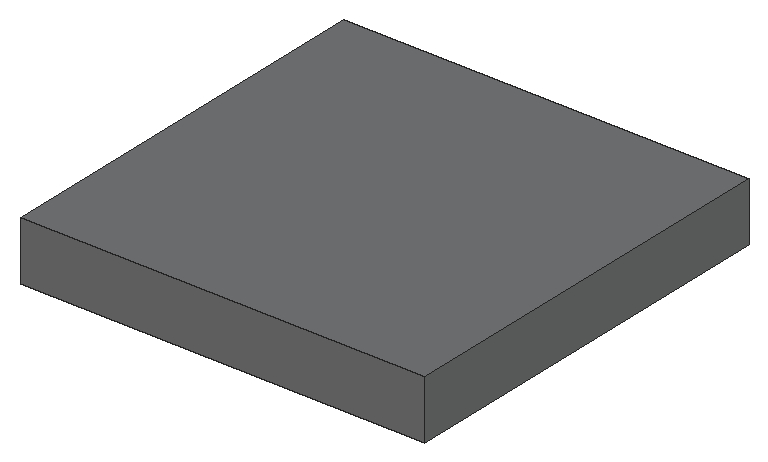
Revit family "Gira_026827", category Electrical Fixtures, host Face, Revit 2017
Family settings
  Host = Face
  Maintain Annotation Orientation = No
  Round Connector Dimension = Use Diameter
  Part Type = Normal
  Cut with Voids When Loaded = No
  Shared = No
  Room Calculation Point = No
Parameters (values of type "Blank cov.pl. sup.ring System 55 p.white m")
  With strain relief = "No"
  With imprint = "No"
  With hinged lid = "No"
  With dust cover = "No"
  Utilization = "Blind cap"
  URL = "http://katalog.gira.de/en/datenblatt.html?artikelnr=026827"
  Type of fastening = "Mounting with screw"
  Transparent = "No"
  Surface protection = "Other"
  Surface finishing = "Matt"
  Support ring = "Yes"
  Suitable for degree of protection (IP) = "IP20"
  RAL-number (akin) = "9010"
  Name = "Blank cov.pl. sup.ring System 55 p.white m"
  Mounting method = "Flush mounted (plaster)"
  Material quality = "Thermoplastic"
  Material = "Plastic"
  Manufacturer URL = "https://www.gira.de/"
  Manufacturer = "Gira"
  Luster terminal = "No"
  Keynote = ""
  Imprintable label = "Without indication field"
  HeinzeBIM = "https://bimportal.heinze.de/bim/blank-cov-pl-sup-ring-system-55-p-white-m/072fe24735d75152b2c895baa1579b366551e07f"
  Halogen free = "Yes"
  HAN = "026827"
  GTIN = "4010337268277"
  Description = "Bl.cov.pl.sup.r. Sys55 PWm,Blank cover plate with support ring,,pure white matt,Notes :,- For screw mounting only."
  Default Elevation = 1219.2 mm
  Data sheet (1) = "https://katalog.gira.de/en/download.html?artikelnr=026827"
  Colour = "White"
  Category = "Insert/cover for communication technology"
  BIM (1) = "https://media.stage.bim.site/public/gira/36a6b08/Sys55_Abdeckung_Schalten und Tasten.rfa?public/gira/36a6b08/Sys55_Abdeckung_Schalten und Tasten.rfa"
  Available = "No"
  Assembly arrangement = "Central cover plate"
  Anthrazit [instance] = Anthrazit
Reference planes
  plane 1 "Center (Front/Back)": y = 0
  plane 2: z = 0
  plane 3 "Center (Left/Right)": x = 0
Forms (mm)
  Extrusion 1, solid, material "Anthrazit" <- "Anthrazit", detail levels fine
    sketch origin (0, 0, 0) x (1, 0, 0) y (0, 1, 0)
      loop
        line (-27.5, 27.5) -> (-27.5, -27.5) -> (27.5, -27.5) -> (27.5, 27.5) -> (-27.5, 27.5)
    from 0 to 8
  Extrusion 2, void
    sketch origin (0, 0, 0) x (1, 0, 0) y (0, 1, 0)
      loop
        line (26, 26) -> (-26, 26) -> (-26, -26) -> (26, -26) -> (26, 26)
    from 0 to 6
  Extrusion 3, solid, material "Anthrazit" <- "Anthrazit", detail levels medium
    sketch origin (0, 0, 0) x (1, 0, 0) y (0, 1, 0)
      loop
        line (-27.5, 27.5) -> (-27.5, -27.5) -> (27.5, -27.5) -> (27.5, 27.5) -> (-27.5, 27.5)
    from 0 to 8
  Extrusion 4, solid, material "Anthrazit" <- "Anthrazit", detail levels medium
    sketch origin (0, 0, 0) x (1, 0, 0) y (0, 1, 0)
      loop
        line (11, -17.5) -> (11, 17.5) -> (-11, 17.5) -> (-11, -17.5) -> (11, -17.5)
    from -6 to 6
  Extrusion 5, solid, material "Anthrazit" <- "Anthrazit", detail levels fine
    sketch origin (0, 0, 0) x (1, 0, 0) y (0, 1, 0)
      loop
        line (11, 17.5) -> (-11, 17.5) -> (-11, 16.5) -> (11, 16.5) -> (11, 17.5)
      loop
        line (-11, -16.5) -> (-11, -17.5) -> (11, -17.5) -> (11, -16.5) -> (-11, -16.5)
    from -4 to 6
  Extrusion 6, solid, material "Anthrazit" <- "Anthrazit", detail levels fine
    sketch origin (0, 0, 0) x (1, 0, 0) y (0, 1, 0)
      loop
        arc (5, 9.347) -> (0, 10.6) -> (-5, 9.347) r 10.6
        line (-5, 9.347) -> (-5, -9.347)
        arc (-5, -9.347) -> (0, -10.6) -> (5, -9.347) r 10.6
        line (5, -9.347) -> (5, 9.347)
    from -6 to 6
  Extrusion 7, solid, material "Anthrazit" <- "Anthrazit", detail levels coarse
    sketch origin (0, 0, 0) x (1, 0, 0) y (0, 1, 0)
      loop
        line (-27.5, 27.5) -> (-27.5, -27.5) -> (27.5, -27.5) -> (27.5, 27.5) -> (-27.5, 27.5)
    from -6 to 8
Cuts and joins
  Extrusion 2 cuts Extrusion 1
Dimensions and locks
  aligned and locked: plane 2 to host face
  aligned and locked: level to host face
